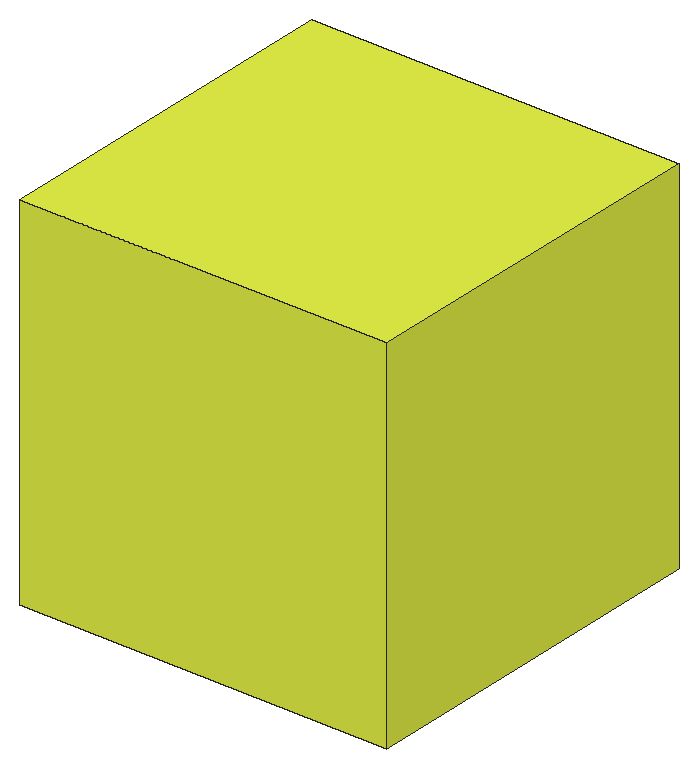
Revit family "6d57d36fa6df47f59b88a45c86fbe2f1", category Boundary Conditions, Revit 2021
Family settings
  Seek Item ID = Boundary Condition-Fixed-0000-USA-ENU
  Work Plane-Based = No
  Always vertical = Yes
  Cut with Voids When Loaded = No
  Shared = No
Reference planes (in)
  plane 1 "Center (Front/Back)": y = 0
  plane 2: z = 0
  plane 3 "Center (Left/Right)": x = 0
  plane 4 "diag2": through (3, -3, 48) normal (-0.7071, -0.7071, 0)
  plane 5 "diag1": through (-3, -3, 48) normal (-0.7071, 0.7071, 0)
Forms (in)
  Extrusion 1, solid, material "FixedBC"
    sketch origin (0, -3, -4.60668) x (0, 1, 0) y (0, 0, 1)
      loop
        line (-2.15588, 5.85668) -> (-2.15588, -4.39332) -> (8.15588, -4.39332) -> (8.15588, 5.85668) -> (-2.15588, 5.85668)
    from 5.17165 to -5.17165
Lines and regions (in)
  symbolic lines
    curve 1: line (5.17165, 0, -9) -> (6.08124, 0, -10.29904)
    curve 2: line (-5.17165, 0, -9) -> (-4.26205, 0, -10.29904)
    curve 3: line (3.10299, 0, -9) -> (4.01258, 0, -10.29904)
    curve 4: line (1.03433, 0, -9) -> (1.94393, 0, -10.29904)
    curve 5: line (-1.03433, 0, -9) -> (-0.12473, 0, -10.29904)
    curve 6: line (-3.10299, 0, -9) -> (-2.19339, 0, -10.29904)
    curve 7: line (0, 5.15588, -9) -> (0, 6.44643, -10.84309)
    curve 8: line (0, -5.15588, -9) -> (0, -3.86534, -10.84309)
    curve 9: line (0, 3.09353, -9) -> (0, 4.38408, -10.84309)
    curve 10: line (0, 1.03118, -9) -> (0, 2.32172, -10.84309)
    curve 11: line (0, -1.03118, -9) -> (0, 0.25937, -10.84309)
    curve 12: line (0, -3.09353, -9) -> (0, -1.80298, -10.84309)
Dimensions and locks (in)
  equal spacing: Extrusion 1, plane 1 "Center (Front/Back)", Extrusion 1
  Extrusion 1 to level = 0' - 9"
  Extrusion 1 to plane 3 "Center (Left/Right)" = 0' - 5.17165"
  equal spacing: Extrusion 1, plane 3 "Center (Left/Right)", Extrusion 1
  equal spacing: group 2, group 6, group 5, group 4, group 3, group 1
  equal spacing: group 1, group 3, group 4, group 5, group 6, group 2  (x2)
  equal spacing: group 7, group 9, group 10, group 11, group 12, group 8  (x2)
  equal spacing: group 8, group 12, group 11, group 10, group 9, group 7
Automatic sketch dimensions
  plane 1 "Center (Front/Back)" to Extrusion 1 sketch curve = 0' - 5.15588"
  Extrusion 1 sketch curve to plane 1 "Center (Front/Back)" = 0' - 5.15588"
  Extrusion 1 sketch curve to level = 0' - 9"
  Extrusion 1 sketch curve to Extrusion 1 sketch curve = 0' - 10 1/4"
